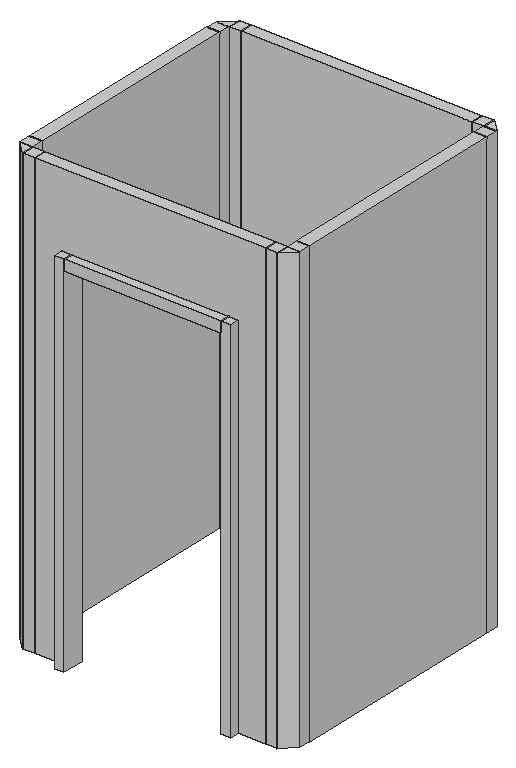
Revit family "FR", category Specialty Equipment, Revit 2012
Parameters (values of type "Fitting Room (Default)")
  URL = "http://madixinc.com/display/maxiline/fittingroom/index.html"
  Model = "Fitting Room"
  Manufacturer = "© 2012 Madix, Inc. All rights reserved."
  Height = 8' - 0"
  Door Width = 3' - 0"
  Depth = 4' - 0"
Reference planes (in)
  plane 1 "Center (Front/Back)": y = 0
  plane 2: z = 0
  plane 3 "Center (Left/Right)": x = 0
  plane 4: x = -30.25
  plane 5: x = 30.25
  plane 6: y = 26.53319
  plane 7: y = -29.28125
  plane 8: z = 96
  plane 9: y = -24
  plane 10: y = 24
  plane 11: x = -25
  plane 12: x = 25
  plane 13: z = 80
  plane 14: x = -18
  plane 15: x = 18
  plane 16: z = 77.67061
  plane 17: y = -31.28125
  plane 18: y = -26.53125
Forms (in)
  Extrusion 1, solid, material "Metal - Steel"
    sketch origin (0, -1.37403, 0) x (1, 0, 0) y (0, 1, 0)
      loop
        line (27.5, -27.90722) -> (27.5, -25.15722) -> (25, -25.15722) -> (25, -27.90722) -> (27.5, -27.90722)
      loop
        line (-27.5, -27.90722) -> (-25, -27.90722) -> (-25, -25.15722) -> (-27.5, -25.15722) -> (-27.5, -27.90722)
      loop
        line (-27.5, 27.90722) -> (-30.25, 27.90722) -> (-30.25, 25.40722) -> (-27.5, 25.40722) -> (-27.5, 27.90722)
      loop
        line (27.5, 27.90722) -> (27.5, 25.40722) -> (30.25, 25.40722) -> (30.25, 27.90722) -> (27.5, 27.90722)
    from 0 to 96
  Extrusion 2, solid, material "Metal - Steel"
    sketch origin (0, -1.37403, 0) x (1, 0, 0) y (0, 1, 0)
      loop
        line (-30.25, -22.65722) -> (-30.25, -25.15722) -> (-27.5, -25.15722) -> (-27.5, -22.65722) -> (-30.25, -22.65722)
      loop
        line (30.25, -22.65722) -> (27.5, -22.65722) -> (27.5, -25.15722) -> (30.25, -25.15722) -> (30.25, -22.65722)
    from 0 to 96
  Extrusion 3, solid, material "Metal - Steel"
    sketch origin (0, -1.37403, 0) x (1, 0, 0) y (0, 1, 0)
      loop
        line (-30.25, -25.15722) -> (-27.5, -27.90722) -> (-27.5, -25.15722) -> (-30.25, -25.15722)
      loop
        line (30.25, -25.15722) -> (27.5, -25.15722) -> (27.5, -27.90722) -> (30.25, -25.15722)
    from 0 to 96
  Extrusion 4, solid, material "Metal - Steel"
    sketch origin (0, -1.37403, 0) x (1, 0, 0) y (0, 1, 0)
      loop
        line (-30.25, 25.37403) -> (-30.25, -22.62597) -> (-27.5, -22.62597) -> (-27.5, 25.37403) -> (-30.25, 25.37403)
      loop
        line (30.25, 25.37403) -> (27.5, 25.37403) -> (27.5, -22.62597) -> (30.25, -22.62597) -> (30.25, 25.37403)
    from 0 to 96
  Extrusion 5, solid, material "Metal - Steel"
    sketch origin (0, 0, 0) x (1, 0, 0) y (0, 1, 0)
      loop
        line (-19, -31.28125) -> (-17, -31.28125) -> (-17, -26.53125) -> (-19, -26.53125) -> (-19, -31.28125)
      loop
        line (19, -31.28125) -> (19, -26.53125) -> (17, -26.53125) -> (17, -31.28125) -> (19, -31.28125)
    from 0 to 80
  Extrusion 6, solid, material "Metal - Steel"
    sketch origin (0, 0, 0) x (1, 0, 0) y (0, 0, 1)
      loop
        line (-17, 80) -> (-17, 77.67061) -> (17, 77.67061) -> (17, 80) -> (-17, 80)
    from 26.53125 to 31.28125
  Extrusion 7, solid, material "Metal - Steel"
    sketch origin (0, 0, 0) x (1, 0, 0) y (0, 0, 1)
      loop
        line (-19, 0) -> (-19, 80) -> (19, 80) -> (19, 0) -> (25, 0) -> (25, 96) -> (-25, 96) -> (-25, 0) -> (-19, 0)
    from 26.53125 to 29.28125
  Extrusion 8, solid, material "Metal - Steel"
    sketch origin (0, 0, 0) x (1, 0, 0) y (0, 1, 0)
      loop
        line (-27.5, 26.53319) -> (-25, 26.53319) -> (-25, 29.28319) -> (-27.5, 29.28319) -> (-27.5, 26.53319)
      loop
        line (27.5, 26.53319) -> (27.5, 29.28319) -> (25, 29.28319) -> (25, 26.53319) -> (27.5, 26.53319)
      loop
        line (-24.96875, 29.28319) -> (-24.96875, 26.53319) -> (24.96875, 26.53319) -> (24.96875, 29.28319) -> (-24.96875, 29.28319)
    from 0 to 96
  Extrusion 9, solid, material "Metal - Steel"
    sketch origin (0, 0, 0) x (1, 0, 0) y (0, 1, 0)
      loop
        line (-30.25, 26.53319) -> (-27.5, 26.53319) -> (-27.5, 29.28319) -> (-30.25, 26.53319)
      loop
        line (30.25, 26.53319) -> (27.5, 29.28319) -> (27.5, 26.53319) -> (30.25, 26.53319)
    from 0 to 96
Dimensions and locks (in)
  equal spacing: plane 10, plane 1 "Center (Front/Back)", plane 9
  "Depth": plane 10 to plane 9
  locked: plane 6 to plane 10 at 2.53319
  locked: plane 4 to plane 11 at 5.25
  locked: plane 12 to plane 5 at 5.25
  equal spacing: plane 14, plane 3 "Center (Left/Right)", plane 15
  "Door Width": plane 14 to plane 15
  locked: plane 11 to plane 14 at 7
  locked: plane 15 to plane 12 at 7
  "Height": plane 8 to level
  plane 9 to plane 18 to plane 7 to plane 17 = 0' - 2 17/32" locked, 0' - 2 3/4" locked, 0' - 2" locked
  aligned and locked: level to plane 2
  aligned and locked: plane 9 to Extrusion 4
  aligned and locked: plane 10 to Extrusion 4
  aligned and locked: plane 11 to Extrusion 1
  aligned and locked: plane 12 to Extrusion 1
  aligned and locked: plane 13 to Extrusion 5
  aligned and locked: Extrusion 6 sketch curve to Extrusion 5
  aligned and locked: plane 16 to Extrusion 6 sketch curve
  aligned and locked: Extrusion 6 to Extrusion 5
  aligned and locked: Extrusion 5 to Extrusion 6
  aligned and locked: plane 7 to Extrusion 7
  aligned and locked: Extrusion 1 to Extrusion 7
  aligned and locked: plane 8 to Extrusion 3
  aligned and locked: plane 8 to Extrusion 1
  aligned and locked: Extrusion 2 to Extrusion 1
  aligned and locked: Extrusion 4 to Extrusion 1
  aligned and locked: plane 17 to Extrusion 5
  aligned and locked: plane 18 to Extrusion 2
  aligned and locked: Extrusion 7 to Extrusion 2
  aligned and locked: Extrusion 7 to Extrusion 1
  aligned and locked: Extrusion 6 to plane 17
  aligned and locked: Extrusion 1 to Extrusion 6
  aligned and locked: Extrusion 1 to Extrusion 8
  aligned and locked: Extrusion 9 to Extrusion 1
Automatic sketch dimensions
  Extrusion 1 sketch curve to plane 4 = 0' - 0"
  Extrusion 1 sketch curve to plane 6 = 0' - 0"  (x2)
  plane 7 to Extrusion 1 sketch curve = 0' - 0"  (x2)
  Extrusion 1 sketch curve to plane 5 = 0' - 0"
  plane 4 to Extrusion 1 sketch curve = 0' - 2 3/4"  (x2)
  Extrusion 1 sketch curve to Extrusion 1 sketch curve = 0' - 2 1/2"  (x2)
  plane 5 to Extrusion 1 sketch curve = 0' - 5 1/4"
  plane 5 to Extrusion 1 sketch curve = 0' - 2 3/4"
  Extrusion 1 sketch curve to plane 9 = 0' - 2 17/32"  (x2)
  plane 10 to Extrusion 1 sketch curve = 0' - 0.03319"  (x2)
  Extrusion 2 sketch curve to plane 4 = 0' - 0"
  Extrusion 2 sketch curve to plane 5 = 0' - 0"
  plane 4 to Extrusion 2 sketch curve = 0' - 2 3/4"
  plane 5 to Extrusion 2 sketch curve = 0' - 2 3/4"
  Extrusion 2 sketch curve to plane 9 = 0' - 2 17/32"  (x2)
  Extrusion 2 sketch curve to plane 9 = 0' - 0 1/32"  (x2)
  Extrusion 3 sketch curve to plane 4 = 0' - 0"
  plane 7 to Extrusion 3 sketch curve = 0' - 0"  (x2)
  Extrusion 3 sketch curve to plane 5 = 0' - 0"
  plane 4 to Extrusion 3 sketch curve = 0' - 2 3/4"
  plane 5 to Extrusion 3 sketch curve = 0' - 2 3/4"
  Extrusion 3 sketch curve to plane 9 = 0' - 2 17/32"  (x2)
  Extrusion 4 sketch curve to plane 4 = 0' - 0"
  Extrusion 4 sketch curve to plane 9 = 0' - 0"  (x2)
  Extrusion 4 sketch curve to plane 10 = 0' - 0"  (x2)
  Extrusion 4 sketch curve to plane 5 = 0' - 0"
  Extrusion 4 sketch curve to Extrusion 4 sketch curve = 0' - 2 3/4"  (x2)
  Extrusion 5 sketch curve to plane 14 = 0' - 1"
  plane 14 to Extrusion 5 sketch curve = 0' - 1"
  plane 15 to Extrusion 5 sketch curve = 0' - 1"
  Extrusion 5 sketch curve to plane 15 = 0' - 1"
  plane 7 to Extrusion 5 sketch curve = 0' - 2"  (x2)
  Extrusion 5 sketch curve to plane 7 = 0' - 2 3/4"  (x2)
  plane 14 to Extrusion 6 sketch curve = 0' - 1"
  plane 15 to Extrusion 6 sketch curve = 0' - 1"
  Extrusion 7 sketch curve to plane 11 = 0' - 0"
  Extrusion 7 sketch curve to plane 13 = 0' - 0"
  Extrusion 7 sketch curve to level = 0' - 0"  (x2)
  Extrusion 7 sketch curve to plane 8 = 0' - 0"
  Extrusion 7 sketch curve to plane 12 = 0' - 0"
  Extrusion 7 sketch curve to plane 14 = 0' - 1"
  Extrusion 7 sketch curve to plane 15 = 0' - 1"
  Extrusion 8 sketch curve to plane 6 = 0' - 0"  (x3)
  Extrusion 8 sketch curve to plane 11 = 0' - 0"
  Extrusion 8 sketch curve to plane 12 = 0' - 0"
  Extrusion 8 sketch curve to Extrusion 8 sketch curve = 0' - 2 1/2"  (x2)
  plane 11 to Extrusion 8 sketch curve = 0' - 0 1/32"
  Extrusion 8 sketch curve to plane 12 = 0' - 0 1/32"
  Extrusion 8 sketch curve to Extrusion 8 sketch curve = 0' - 2 3/4"  (x2)
  Extrusion 8 sketch curve to Extrusion 8 sketch curve = 0' - 0"
  Extrusion 9 sketch curve to plane 4 = 0' - 0"
  Extrusion 9 sketch curve to plane 6 = 0' - 0"  (x2)
  Extrusion 9 sketch curve to plane 5 = 0' - 0"
  Extrusion 9 sketch curve to plane 11 = 0' - 2 1/2"
  plane 12 to Extrusion 9 sketch curve = 0' - 2 1/2"
  Extrusion 9 sketch curve to Extrusion 9 sketch curve = 0' - 2 3/4"  (x2)
